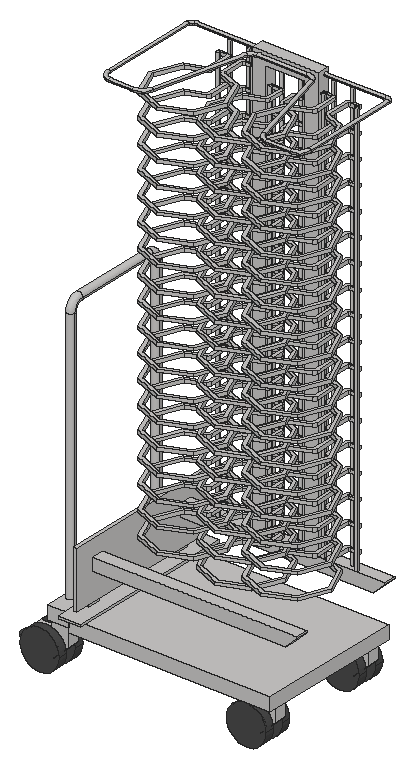
Revit family "QF_ELECTROLUXPROFESSIONAL_922756_TRBA54PL2011C", category Attrezzature speciali, Revit 2020 (continued)
Automatic sketch dimensions
  Extrusion 65 sketch curve to Extrusion 65 sketch curve = 1.293 mm
  Extrusion 65 sketch curve to Extrusion 65 sketch curve = 44.091 mm
  Extrusion 65 sketch curve to Extrusion 65 sketch curve = 41.932 mm
  Extrusion 66 sketch curve to Extrusion 66 sketch curve = 79.976 mm  (x2)
  Extrusion 66 sketch curve to Extrusion 66 sketch curve = 80.651 mm  (x3)
  Extrusion 66 sketch curve to Extrusion 66 sketch curve = 55.228 mm
  Extrusion 66 sketch curve to Extrusion 66 sketch curve = 32.585 mm
  Extrusion 66 sketch curve to Extrusion 66 sketch curve = 80.07 mm
  Extrusion 66 sketch curve to Extrusion 66 sketch curve = 67.75 mm
  Extrusion 67 sketch curve to Extrusion 67 sketch curve = 24.865 mm  (x2)
  Extrusion 67 sketch curve to Extrusion 67 sketch curve = 26.401 mm  (x2)
  Extrusion 67 sketch curve to Extrusion 67 sketch curve = 80.07 mm
  Extrusion 67 sketch curve to Extrusion 67 sketch curve = 22.703 mm
  Extrusion 67 sketch curve to Extrusion 67 sketch curve = 6.983 mm
  Extrusion 67 sketch curve to Extrusion 67 sketch curve = 1.263 mm
  Extrusion 67 sketch curve to Extrusion 67 sketch curve = 1.293 mm
  Extrusion 67 sketch curve to Extrusion 67 sketch curve = 67.75 mm
  Extrusion 68 sketch curve to Extrusion 68 sketch curve = 7.72 mm  (x4)
  Extrusion 68 sketch curve to Extrusion 68 sketch curve = 7.587 mm  (x4)
  Extrusion 68 sketch curve to Extrusion 68 sketch curve = 27.788 mm  (x2)
  Extrusion 68 sketch curve to Extrusion 68 sketch curve = 0 mm  (x3)
  Extrusion 68 sketch curve to Extrusion 68 sketch curve = 1.873 mm
  Extrusion 68 sketch curve to Extrusion 68 sketch curve = 5 mm  (x3)
  Extrusion 68 sketch curve to Extrusion 68 sketch curve = 3.127 mm
  Extrusion 68 sketch curve to Extrusion 68 sketch curve = 3.746 mm
  Extrusion 68 sketch curve to Extrusion 68 sketch curve = 10 mm  (x3)
  Extrusion 68 sketch curve to Extrusion 68 sketch curve = 79.976 mm  (x2)
  Extrusion 68 sketch curve to Extrusion 68 sketch curve = 0.094 mm  (x3)
  Extrusion 68 sketch curve to Extrusion 68 sketch curve = 30 mm
  Extrusion 68 sketch curve to Extrusion 68 sketch curve = 6.093 mm
  Extrusion 68 sketch curve to Extrusion 68 sketch curve = 3.046 mm
  Extrusion 68 sketch curve to Extrusion 68 sketch curve = 80.651 mm  (x3)
  Extrusion 68 sketch curve to Extrusion 68 sketch curve = 55.228 mm
  Extrusion 68 sketch curve to Extrusion 68 sketch curve = 32.585 mm
  Extrusion 68 sketch curve to Extrusion 68 sketch curve = 10.824 mm  (x3)
  Extrusion 68 sketch curve to Extrusion 68 sketch curve = 11.494 mm
  Extrusion 68 sketch curve to Extrusion 68 sketch curve = 1.263 mm
  Extrusion 68 sketch curve to Extrusion 68 sketch curve = 2 mm  (x2)
  Extrusion 69 sketch curve to Extrusion 69 sketch curve = 10.824 mm  (x3)
  Extrusion 69 sketch curve to Extrusion 69 sketch curve = 24.865 mm  (x2)
  Extrusion 69 sketch curve to Extrusion 69 sketch curve = 26.401 mm  (x2)
  Extrusion 69 sketch curve to Extrusion 69 sketch curve = 7.72 mm  (x4)
  Extrusion 69 sketch curve to Extrusion 69 sketch curve = 7.587 mm  (x4)
  Extrusion 69 sketch curve to Extrusion 69 sketch curve = 27.246 mm
  Extrusion 69 sketch curve to Extrusion 69 sketch curve = 27.788 mm  (x2)
  Extrusion 69 sketch curve to Extrusion 69 sketch curve = 47.447 mm
  Extrusion 69 sketch curve to Extrusion 69 sketch curve = 1.873 mm
  Extrusion 69 sketch curve to Extrusion 69 sketch curve = 5 mm  (x3)
  Extrusion 69 sketch curve to Extrusion 69 sketch curve = 3.127 mm
  Extrusion 69 sketch curve to Extrusion 69 sketch curve = 0 mm  (x2)
  Extrusion 69 sketch curve to Extrusion 69 sketch curve = 3.746 mm
  Extrusion 69 sketch curve to Extrusion 69 sketch curve = 10 mm  (x3)
  Extrusion 69 sketch curve to Extrusion 69 sketch curve = 0.094 mm  (x3)
  Extrusion 69 sketch curve to Extrusion 69 sketch curve = 30 mm
  Extrusion 69 sketch curve to Extrusion 69 sketch curve = 6.093 mm
  Extrusion 69 sketch curve to Extrusion 69 sketch curve = 3.046 mm
  Extrusion 69 sketch curve to Extrusion 69 sketch curve = 22.703 mm
  Extrusion 69 sketch curve to Extrusion 69 sketch curve = 6.983 mm
  Extrusion 69 sketch curve to Extrusion 69 sketch curve = 1.263 mm
  Extrusion 69 sketch curve to Extrusion 69 sketch curve = 1.293 mm
  Extrusion 69 sketch curve to Extrusion 69 sketch curve = 2 mm  (x3)
  Extrusion 70 sketch curve to Extrusion 70 sketch curve = 10.824 mm  (x3)
  Extrusion 70 sketch curve to Extrusion 70 sketch curve = 7.72 mm  (x4)
  Extrusion 70 sketch curve to Extrusion 70 sketch curve = 7.587 mm  (x4)
  Extrusion 70 sketch curve to Extrusion 70 sketch curve = 27.246 mm
  Extrusion 70 sketch curve to Extrusion 70 sketch curve = 27.788 mm  (x2)
  Extrusion 70 sketch curve to Extrusion 70 sketch curve = 47.447 mm
  Extrusion 70 sketch curve to Extrusion 70 sketch curve = 1.873 mm
  Extrusion 70 sketch curve to Extrusion 70 sketch curve = 5 mm  (x2)
  Extrusion 70 sketch curve to Extrusion 70 sketch curve = 3.127 mm
  Extrusion 70 sketch curve to Extrusion 70 sketch curve = 0 mm  (x2)
  Extrusion 70 sketch curve to Extrusion 70 sketch curve = 3.746 mm
  Extrusion 70 sketch curve to Extrusion 70 sketch curve = 10 mm  (x2)
  Extrusion 70 sketch curve to Extrusion 70 sketch curve = 79.976 mm  (x2)
  Extrusion 70 sketch curve to Extrusion 70 sketch curve = 0.094 mm  (x3)
  Extrusion 70 sketch curve to Extrusion 70 sketch curve = 30 mm
  Extrusion 70 sketch curve to Extrusion 70 sketch curve = 6.093 mm
  Extrusion 70 sketch curve to Extrusion 70 sketch curve = 3.907 mm
  Extrusion 70 sketch curve to Extrusion 70 sketch curve = 3.046 mm
  Extrusion 70 sketch curve to Extrusion 70 sketch curve = 1.954 mm
  Extrusion 70 sketch curve to Extrusion 70 sketch curve = 80.651 mm  (x3)
  Extrusion 70 sketch curve to Extrusion 70 sketch curve = 55.228 mm
  Extrusion 70 sketch curve to Extrusion 70 sketch curve = 32.585 mm
  Extrusion 70 sketch curve to Extrusion 70 sketch curve = 2 mm  (x3)
  Extrusion 68 sketch curve to Extrusion 68 sketch curve = 24.865 mm  (x2)
  Extrusion 68 sketch curve to Extrusion 68 sketch curve = 26.401 mm  (x2)
  Extrusion 68 sketch curve to Extrusion 68 sketch curve = 27.246 mm
  Extrusion 68 sketch curve to Extrusion 68 sketch curve = 80.07 mm
  Extrusion 68 sketch curve to Extrusion 68 sketch curve = 22.703 mm
  Extrusion 68 sketch curve to Extrusion 68 sketch curve = 1.293 mm
  Extrusion 68 sketch curve to Extrusion 68 sketch curve = 44.091 mm
  Extrusion 68 sketch curve to Extrusion 68 sketch curve = 41.932 mm
  Extrusion 69 sketch curve to Extrusion 69 sketch curve = 79.976 mm  (x2)
  Extrusion 69 sketch curve to Extrusion 69 sketch curve = 80.651 mm  (x3)
  Extrusion 69 sketch curve to Extrusion 69 sketch curve = 55.228 mm
  Extrusion 69 sketch curve to Extrusion 69 sketch curve = 32.585 mm
  Extrusion 69 sketch curve to Extrusion 69 sketch curve = 80.07 mm
  Extrusion 69 sketch curve to Extrusion 69 sketch curve = 67.75 mm
  Extrusion 70 sketch curve to Extrusion 70 sketch curve = 24.865 mm  (x2)
  Extrusion 70 sketch curve to Extrusion 70 sketch curve = 26.401 mm  (x2)
  Extrusion 70 sketch curve to Extrusion 70 sketch curve = 80.07 mm
  Extrusion 70 sketch curve to Extrusion 70 sketch curve = 22.703 mm
  Extrusion 70 sketch curve to Extrusion 70 sketch curve = 6.983 mm
  Extrusion 70 sketch curve to Extrusion 70 sketch curve = 1.263 mm
  Extrusion 70 sketch curve to Extrusion 70 sketch curve = 1.293 mm
  Extrusion 70 sketch curve to Extrusion 70 sketch curve = 67.75 mm
  Extrusion 71 sketch curve to Extrusion 71 sketch curve = 7.72 mm  (x4)
  Extrusion 71 sketch curve to Extrusion 71 sketch curve = 7.587 mm  (x4)
  Extrusion 71 sketch curve to Extrusion 71 sketch curve = 27.788 mm  (x2)
  Extrusion 71 sketch curve to Extrusion 71 sketch curve = 0 mm  (x3)
  Extrusion 71 sketch curve to Extrusion 71 sketch curve = 1.873 mm
  Extrusion 71 sketch curve to Extrusion 71 sketch curve = 5 mm  (x3)
  Extrusion 71 sketch curve to Extrusion 71 sketch curve = 3.127 mm
  Extrusion 71 sketch curve to Extrusion 71 sketch curve = 3.746 mm
  Extrusion 71 sketch curve to Extrusion 71 sketch curve = 10 mm  (x3)
  Extrusion 71 sketch curve to Extrusion 71 sketch curve = 79.976 mm  (x2)
  Extrusion 71 sketch curve to Extrusion 71 sketch curve = 0.094 mm  (x3)
  Extrusion 71 sketch curve to Extrusion 71 sketch curve = 30 mm
  Extrusion 71 sketch curve to Extrusion 71 sketch curve = 6.093 mm
  Extrusion 71 sketch curve to Extrusion 71 sketch curve = 3.046 mm
  Extrusion 71 sketch curve to Extrusion 71 sketch curve = 80.651 mm  (x3)
  Extrusion 71 sketch curve to Extrusion 71 sketch curve = 55.228 mm
  Extrusion 71 sketch curve to Extrusion 71 sketch curve = 32.585 mm
  Extrusion 71 sketch curve to Extrusion 71 sketch curve = 10.824 mm  (x3)
  Extrusion 71 sketch curve to Extrusion 71 sketch curve = 11.494 mm
  Extrusion 71 sketch curve to Extrusion 71 sketch curve = 1.263 mm
  Extrusion 71 sketch curve to Extrusion 71 sketch curve = 2 mm  (x2)
  Extrusion 72 sketch curve to Extrusion 72 sketch curve = 10.824 mm  (x3)
  Extrusion 72 sketch curve to Extrusion 72 sketch curve = 24.865 mm  (x2)
  Extrusion 72 sketch curve to Extrusion 72 sketch curve = 26.401 mm  (x2)
  Extrusion 72 sketch curve to Extrusion 72 sketch curve = 7.72 mm  (x4)
  Extrusion 72 sketch curve to Extrusion 72 sketch curve = 7.587 mm  (x4)
  Extrusion 72 sketch curve to Extrusion 72 sketch curve = 27.246 mm
  Extrusion 72 sketch curve to Extrusion 72 sketch curve = 27.788 mm  (x2)
  Extrusion 72 sketch curve to Extrusion 72 sketch curve = 47.447 mm
  Extrusion 72 sketch curve to Extrusion 72 sketch curve = 1.873 mm
  Extrusion 72 sketch curve to Extrusion 72 sketch curve = 5 mm  (x3)
  Extrusion 72 sketch curve to Extrusion 72 sketch curve = 3.127 mm
  Extrusion 72 sketch curve to Extrusion 72 sketch curve = 0 mm  (x2)
  Extrusion 72 sketch curve to Extrusion 72 sketch curve = 3.746 mm
  Extrusion 72 sketch curve to Extrusion 72 sketch curve = 10 mm  (x3)
  Extrusion 72 sketch curve to Extrusion 72 sketch curve = 0.094 mm  (x3)
  Extrusion 72 sketch curve to Extrusion 72 sketch curve = 30 mm
  Extrusion 72 sketch curve to Extrusion 72 sketch curve = 6.093 mm
  Extrusion 72 sketch curve to Extrusion 72 sketch curve = 3.046 mm
  Extrusion 72 sketch curve to Extrusion 72 sketch curve = 22.703 mm
  Extrusion 72 sketch curve to Extrusion 72 sketch curve = 6.983 mm
  Extrusion 72 sketch curve to Extrusion 72 sketch curve = 1.263 mm
  Extrusion 72 sketch curve to Extrusion 72 sketch curve = 1.293 mm
  Extrusion 72 sketch curve to Extrusion 72 sketch curve = 2 mm  (x3)
  Extrusion 73 sketch curve to Extrusion 73 sketch curve = 10.824 mm  (x3)
  Extrusion 73 sketch curve to Extrusion 73 sketch curve = 7.72 mm  (x4)
  Extrusion 73 sketch curve to Extrusion 73 sketch curve = 7.587 mm  (x4)
  Extrusion 73 sketch curve to Extrusion 73 sketch curve = 27.246 mm
  Extrusion 73 sketch curve to Extrusion 73 sketch curve = 27.788 mm  (x2)
  Extrusion 73 sketch curve to Extrusion 73 sketch curve = 47.447 mm
  Extrusion 73 sketch curve to Extrusion 73 sketch curve = 1.873 mm
  Extrusion 73 sketch curve to Extrusion 73 sketch curve = 5 mm  (x2)
  Extrusion 73 sketch curve to Extrusion 73 sketch curve = 3.127 mm
  Extrusion 73 sketch curve to Extrusion 73 sketch curve = 0 mm  (x2)
  Extrusion 73 sketch curve to Extrusion 73 sketch curve = 3.746 mm
  Extrusion 73 sketch curve to Extrusion 73 sketch curve = 10 mm  (x2)
  Extrusion 73 sketch curve to Extrusion 73 sketch curve = 79.976 mm  (x2)
  Extrusion 73 sketch curve to Extrusion 73 sketch curve = 0.094 mm  (x3)
  Extrusion 73 sketch curve to Extrusion 73 sketch curve = 30 mm
  Extrusion 73 sketch curve to Extrusion 73 sketch curve = 6.093 mm
  Extrusion 73 sketch curve to Extrusion 73 sketch curve = 3.907 mm
  Extrusion 73 sketch curve to Extrusion 73 sketch curve = 3.046 mm
  Extrusion 73 sketch curve to Extrusion 73 sketch curve = 1.954 mm
  Extrusion 73 sketch curve to Extrusion 73 sketch curve = 80.651 mm  (x3)
  Extrusion 73 sketch curve to Extrusion 73 sketch curve = 55.228 mm
  Extrusion 73 sketch curve to Extrusion 73 sketch curve = 32.585 mm
  Extrusion 73 sketch curve to Extrusion 73 sketch curve = 2 mm  (x3)
  Extrusion 71 sketch curve to Extrusion 71 sketch curve = 24.865 mm  (x2)
  Extrusion 71 sketch curve to Extrusion 71 sketch curve = 26.401 mm  (x2)
  Extrusion 71 sketch curve to Extrusion 71 sketch curve = 27.246 mm
  Extrusion 71 sketch curve to Extrusion 71 sketch curve = 80.07 mm
  Extrusion 71 sketch curve to Extrusion 71 sketch curve = 22.703 mm
  Extrusion 71 sketch curve to Extrusion 71 sketch curve = 1.293 mm
  Extrusion 71 sketch curve to Extrusion 71 sketch curve = 44.091 mm
  Extrusion 71 sketch curve to Extrusion 71 sketch curve = 41.932 mm
  Extrusion 72 sketch curve to Extrusion 72 sketch curve = 79.976 mm  (x2)
  Extrusion 72 sketch curve to Extrusion 72 sketch curve = 80.651 mm  (x3)
  Extrusion 72 sketch curve to Extrusion 72 sketch curve = 55.228 mm
  Extrusion 72 sketch curve to Extrusion 72 sketch curve = 32.585 mm
  Extrusion 72 sketch curve to Extrusion 72 sketch curve = 80.07 mm
  Extrusion 72 sketch curve to Extrusion 72 sketch curve = 67.75 mm
  Extrusion 73 sketch curve to Extrusion 73 sketch curve = 24.865 mm  (x2)
  Extrusion 73 sketch curve to Extrusion 73 sketch curve = 26.401 mm  (x2)
  Extrusion 73 sketch curve to Extrusion 73 sketch curve = 80.07 mm
  Extrusion 73 sketch curve to Extrusion 73 sketch curve = 22.703 mm
  Extrusion 73 sketch curve to Extrusion 73 sketch curve = 6.983 mm
  Extrusion 73 sketch curve to Extrusion 73 sketch curve = 1.263 mm
  Extrusion 73 sketch curve to Extrusion 73 sketch curve = 1.293 mm
  Extrusion 73 sketch curve to Extrusion 73 sketch curve = 67.75 mm
  Extrusion 74 sketch curve to Extrusion 74 sketch curve = 7.72 mm  (x4)
  Extrusion 74 sketch curve to Extrusion 74 sketch curve = 7.587 mm  (x4)
  Extrusion 74 sketch curve to Extrusion 74 sketch curve = 27.788 mm  (x2)
  Extrusion 74 sketch curve to Extrusion 74 sketch curve = 0 mm  (x3)
  Extrusion 74 sketch curve to Extrusion 74 sketch curve = 1.873 mm
  Extrusion 74 sketch curve to Extrusion 74 sketch curve = 5 mm  (x3)
  Extrusion 74 sketch curve to Extrusion 74 sketch curve = 3.127 mm
  Extrusion 74 sketch curve to Extrusion 74 sketch curve = 3.746 mm
  Extrusion 74 sketch curve to Extrusion 74 sketch curve = 10 mm  (x3)
  Extrusion 74 sketch curve to Extrusion 74 sketch curve = 79.976 mm  (x2)
  Extrusion 74 sketch curve to Extrusion 74 sketch curve = 0.094 mm  (x3)
  Extrusion 74 sketch curve to Extrusion 74 sketch curve = 30 mm
  Extrusion 74 sketch curve to Extrusion 74 sketch curve = 6.093 mm
  Extrusion 74 sketch curve to Extrusion 74 sketch curve = 3.046 mm
  Extrusion 74 sketch curve to Extrusion 74 sketch curve = 80.651 mm  (x3)
  Extrusion 74 sketch curve to Extrusion 74 sketch curve = 55.228 mm
  Extrusion 74 sketch curve to Extrusion 74 sketch curve = 32.585 mm
  Extrusion 74 sketch curve to Extrusion 74 sketch curve = 10.824 mm  (x3)
  Extrusion 74 sketch curve to Extrusion 74 sketch curve = 11.494 mm
  Extrusion 74 sketch curve to Extrusion 74 sketch curve = 1.263 mm
  Extrusion 74 sketch curve to Extrusion 74 sketch curve = 2 mm  (x2)
  Extrusion 75 sketch curve to Extrusion 75 sketch curve = 10.824 mm  (x3)
  Extrusion 75 sketch curve to Extrusion 75 sketch curve = 24.865 mm  (x2)
  Extrusion 75 sketch curve to Extrusion 75 sketch curve = 26.401 mm  (x2)
  Extrusion 75 sketch curve to Extrusion 75 sketch curve = 7.72 mm  (x4)
  Extrusion 75 sketch curve to Extrusion 75 sketch curve = 7.587 mm  (x4)
  Extrusion 75 sketch curve to Extrusion 75 sketch curve = 27.246 mm
  Extrusion 75 sketch curve to Extrusion 75 sketch curve = 27.788 mm  (x2)
  Extrusion 75 sketch curve to Extrusion 75 sketch curve = 47.447 mm
  Extrusion 75 sketch curve to Extrusion 75 sketch curve = 1.873 mm
  Extrusion 75 sketch curve to Extrusion 75 sketch curve = 5 mm  (x3)
  Extrusion 75 sketch curve to Extrusion 75 sketch curve = 3.127 mm
  Extrusion 75 sketch curve to Extrusion 75 sketch curve = 0 mm  (x2)
  Extrusion 75 sketch curve to Extrusion 75 sketch curve = 3.746 mm
  Extrusion 75 sketch curve to Extrusion 75 sketch curve = 10 mm  (x3)
  Extrusion 75 sketch curve to Extrusion 75 sketch curve = 0.094 mm  (x3)
  Extrusion 75 sketch curve to Extrusion 75 sketch curve = 30 mm
  Extrusion 75 sketch curve to Extrusion 75 sketch curve = 6.093 mm
  Extrusion 75 sketch curve to Extrusion 75 sketch curve = 3.046 mm
  Extrusion 75 sketch curve to Extrusion 75 sketch curve = 22.703 mm
  Extrusion 75 sketch curve to Extrusion 75 sketch curve = 6.983 mm
  Extrusion 75 sketch curve to Extrusion 75 sketch curve = 1.263 mm
  Extrusion 75 sketch curve to Extrusion 75 sketch curve = 1.293 mm
  Extrusion 75 sketch curve to Extrusion 75 sketch curve = 2 mm  (x3)
  Extrusion 76 sketch curve to Extrusion 76 sketch curve = 10.824 mm  (x3)
  Extrusion 76 sketch curve to Extrusion 76 sketch curve = 7.72 mm  (x4)
  Extrusion 76 sketch curve to Extrusion 76 sketch curve = 7.587 mm  (x4)
  Extrusion 76 sketch curve to Extrusion 76 sketch curve = 27.246 mm
  Extrusion 76 sketch curve to Extrusion 76 sketch curve = 27.788 mm  (x2)
  Extrusion 76 sketch curve to Extrusion 76 sketch curve = 47.447 mm
  Extrusion 76 sketch curve to Extrusion 76 sketch curve = 1.873 mm
  Extrusion 76 sketch curve to Extrusion 76 sketch curve = 5 mm  (x2)
  Extrusion 76 sketch curve to Extrusion 76 sketch curve = 3.127 mm
  Extrusion 76 sketch curve to Extrusion 76 sketch curve = 0 mm  (x2)
  Extrusion 76 sketch curve to Extrusion 76 sketch curve = 3.746 mm
  Extrusion 76 sketch curve to Extrusion 76 sketch curve = 10 mm  (x2)
  Extrusion 76 sketch curve to Extrusion 76 sketch curve = 79.976 mm  (x2)
  Extrusion 76 sketch curve to Extrusion 76 sketch curve = 0.094 mm  (x3)
  Extrusion 76 sketch curve to Extrusion 76 sketch curve = 30 mm
  Extrusion 76 sketch curve to Extrusion 76 sketch curve = 6.093 mm
  Extrusion 76 sketch curve to Extrusion 76 sketch curve = 3.907 mm
  Extrusion 76 sketch curve to Extrusion 76 sketch curve = 3.046 mm
  Extrusion 76 sketch curve to Extrusion 76 sketch curve = 1.954 mm
  Extrusion 76 sketch curve to Extrusion 76 sketch curve = 80.651 mm  (x3)
  Extrusion 76 sketch curve to Extrusion 76 sketch curve = 55.228 mm
  Extrusion 76 sketch curve to Extrusion 76 sketch curve = 32.585 mm
  Extrusion 76 sketch curve to Extrusion 76 sketch curve = 2 mm  (x3)
  Extrusion 74 sketch curve to Extrusion 74 sketch curve = 24.865 mm  (x2)
  Extrusion 74 sketch curve to Extrusion 74 sketch curve = 26.401 mm  (x2)
  Extrusion 74 sketch curve to Extrusion 74 sketch curve = 27.246 mm
  Extrusion 74 sketch curve to Extrusion 74 sketch curve = 80.07 mm
  Extrusion 74 sketch curve to Extrusion 74 sketch curve = 22.703 mm
  Extrusion 74 sketch curve to Extrusion 74 sketch curve = 1.293 mm
  Extrusion 74 sketch curve to Extrusion 74 sketch curve = 44.091 mm
  Extrusion 74 sketch curve to Extrusion 74 sketch curve = 41.932 mm
  Extrusion 75 sketch curve to Extrusion 75 sketch curve = 79.976 mm  (x2)
  Extrusion 75 sketch curve to Extrusion 75 sketch curve = 80.651 mm  (x3)
  Extrusion 75 sketch curve to Extrusion 75 sketch curve = 55.228 mm
  Extrusion 75 sketch curve to Extrusion 75 sketch curve = 32.585 mm
  Extrusion 75 sketch curve to Extrusion 75 sketch curve = 80.07 mm
  Extrusion 75 sketch curve to Extrusion 75 sketch curve = 67.75 mm
  Extrusion 76 sketch curve to Extrusion 76 sketch curve = 24.865 mm  (x2)
  Extrusion 76 sketch curve to Extrusion 76 sketch curve = 26.401 mm  (x2)
  Extrusion 76 sketch curve to Extrusion 76 sketch curve = 80.07 mm
  Extrusion 76 sketch curve to Extrusion 76 sketch curve = 22.703 mm
  Extrusion 76 sketch curve to Extrusion 76 sketch curve = 6.983 mm
  Extrusion 76 sketch curve to Extrusion 76 sketch curve = 1.263 mm
  Extrusion 76 sketch curve to Extrusion 76 sketch curve = 1.293 mm
  Extrusion 76 sketch curve to Extrusion 76 sketch curve = 67.75 mm
  Extrusion 77 sketch curve to Extrusion 77 sketch curve = 7.72 mm  (x4)
  Extrusion 77 sketch curve to Extrusion 77 sketch curve = 7.587 mm  (x4)
  Extrusion 77 sketch curve to Extrusion 77 sketch curve = 27.788 mm  (x2)
  Extrusion 77 sketch curve to Extrusion 77 sketch curve = 0 mm  (x3)
  Extrusion 77 sketch curve to Extrusion 77 sketch curve = 1.873 mm
  Extrusion 77 sketch curve to Extrusion 77 sketch curve = 5 mm  (x3)
  Extrusion 77 sketch curve to Extrusion 77 sketch curve = 3.127 mm
  Extrusion 77 sketch curve to Extrusion 77 sketch curve = 3.746 mm
  Extrusion 77 sketch curve to Extrusion 77 sketch curve = 10 mm  (x3)
  Extrusion 77 sketch curve to Extrusion 77 sketch curve = 79.976 mm  (x2)
  Extrusion 77 sketch curve to Extrusion 77 sketch curve = 0.094 mm  (x3)
  Extrusion 77 sketch curve to Extrusion 77 sketch curve = 30 mm
  Extrusion 77 sketch curve to Extrusion 77 sketch curve = 6.093 mm
  Extrusion 77 sketch curve to Extrusion 77 sketch curve = 3.046 mm
  Extrusion 77 sketch curve to Extrusion 77 sketch curve = 80.651 mm  (x3)
  Extrusion 77 sketch curve to Extrusion 77 sketch curve = 55.228 mm
  Extrusion 77 sketch curve to Extrusion 77 sketch curve = 32.585 mm
  Extrusion 77 sketch curve to Extrusion 77 sketch curve = 10.824 mm  (x3)
  Extrusion 77 sketch curve to Extrusion 77 sketch curve = 11.494 mm
  Extrusion 77 sketch curve to Extrusion 77 sketch curve = 1.263 mm
  Extrusion 77 sketch curve to Extrusion 77 sketch curve = 2 mm  (x2)
  Extrusion 78 sketch curve to Extrusion 78 sketch curve = 10.824 mm  (x3)
  Extrusion 78 sketch curve to Extrusion 78 sketch curve = 24.865 mm  (x2)
  Extrusion 78 sketch curve to Extrusion 78 sketch curve = 26.401 mm  (x2)
  Extrusion 78 sketch curve to Extrusion 78 sketch curve = 7.72 mm  (x4)
  Extrusion 78 sketch curve to Extrusion 78 sketch curve = 7.587 mm  (x4)
  Extrusion 78 sketch curve to Extrusion 78 sketch curve = 27.246 mm
  Extrusion 78 sketch curve to Extrusion 78 sketch curve = 27.788 mm  (x2)
  Extrusion 78 sketch curve to Extrusion 78 sketch curve = 47.447 mm
  Extrusion 78 sketch curve to Extrusion 78 sketch curve = 1.873 mm
  Extrusion 78 sketch curve to Extrusion 78 sketch curve = 5 mm  (x3)
  Extrusion 78 sketch curve to Extrusion 78 sketch curve = 3.127 mm
  Extrusion 78 sketch curve to Extrusion 78 sketch curve = 0 mm  (x2)
  Extrusion 78 sketch curve to Extrusion 78 sketch curve = 3.746 mm
  Extrusion 78 sketch curve to Extrusion 78 sketch curve = 10 mm  (x3)
  Extrusion 78 sketch curve to Extrusion 78 sketch curve = 0.094 mm  (x3)
  Extrusion 78 sketch curve to Extrusion 78 sketch curve = 30 mm
  Extrusion 78 sketch curve to Extrusion 78 sketch curve = 6.093 mm
  Extrusion 78 sketch curve to Extrusion 78 sketch curve = 3.046 mm
  Extrusion 78 sketch curve to Extrusion 78 sketch curve = 22.703 mm
  Extrusion 78 sketch curve to Extrusion 78 sketch curve = 6.983 mm
  Extrusion 78 sketch curve to Extrusion 78 sketch curve = 1.263 mm
  Extrusion 78 sketch curve to Extrusion 78 sketch curve = 1.293 mm
  Extrusion 78 sketch curve to Extrusion 78 sketch curve = 2 mm  (x3)
  Extrusion 79 sketch curve to Extrusion 79 sketch curve = 10.824 mm  (x3)
  Extrusion 79 sketch curve to Extrusion 79 sketch curve = 7.72 mm  (x4)
  Extrusion 79 sketch curve to Extrusion 79 sketch curve = 7.587 mm  (x4)
  Extrusion 79 sketch curve to Extrusion 79 sketch curve = 27.246 mm
  Extrusion 79 sketch curve to Extrusion 79 sketch curve = 27.788 mm  (x2)
  Extrusion 79 sketch curve to Extrusion 79 sketch curve = 47.447 mm
  Extrusion 79 sketch curve to Extrusion 79 sketch curve = 1.873 mm
  Extrusion 79 sketch curve to Extrusion 79 sketch curve = 5 mm  (x2)
  Extrusion 79 sketch curve to Extrusion 79 sketch curve = 3.127 mm
  Extrusion 79 sketch curve to Extrusion 79 sketch curve = 0 mm  (x2)
  Extrusion 79 sketch curve to Extrusion 79 sketch curve = 3.746 mm
  Extrusion 79 sketch curve to Extrusion 79 sketch curve = 10 mm  (x2)
  Extrusion 79 sketch curve to Extrusion 79 sketch curve = 79.976 mm  (x2)
  Extrusion 79 sketch curve to Extrusion 79 sketch curve = 0.094 mm  (x3)
  Extrusion 79 sketch curve to Extrusion 79 sketch curve = 30 mm
  Extrusion 79 sketch curve to Extrusion 79 sketch curve = 6.093 mm
  Extrusion 79 sketch curve to Extrusion 79 sketch curve = 3.907 mm
  Extrusion 79 sketch curve to Extrusion 79 sketch curve = 3.046 mm
  Extrusion 79 sketch curve to Extrusion 79 sketch curve = 1.954 mm
  Extrusion 79 sketch curve to Extrusion 79 sketch curve = 80.651 mm  (x3)
  Extrusion 79 sketch curve to Extrusion 79 sketch curve = 55.228 mm
  Extrusion 79 sketch curve to Extrusion 79 sketch curve = 32.585 mm
  Extrusion 79 sketch curve to Extrusion 79 sketch curve = 2 mm  (x3)
  Extrusion 77 sketch curve to Extrusion 77 sketch curve = 24.865 mm  (x2)
  Extrusion 77 sketch curve to Extrusion 77 sketch curve = 26.401 mm  (x2)
  Extrusion 77 sketch curve to Extrusion 77 sketch curve = 27.246 mm
  Extrusion 77 sketch curve to Extrusion 77 sketch curve = 80.07 mm
  Extrusion 77 sketch curve to Extrusion 77 sketch curve = 22.703 mm
  Extrusion 77 sketch curve to Extrusion 77 sketch curve = 1.293 mm
  Extrusion 77 sketch curve to Extrusion 77 sketch curve = 44.091 mm
  Extrusion 77 sketch curve to Extrusion 77 sketch curve = 41.932 mm
  Extrusion 78 sketch curve to Extrusion 78 sketch curve = 79.976 mm  (x2)
  Extrusion 78 sketch curve to Extrusion 78 sketch curve = 80.651 mm  (x3)
  Extrusion 78 sketch curve to Extrusion 78 sketch curve = 55.228 mm
  Extrusion 78 sketch curve to Extrusion 78 sketch curve = 32.585 mm
  Extrusion 78 sketch curve to Extrusion 78 sketch curve = 80.07 mm
  Extrusion 78 sketch curve to Extrusion 78 sketch curve = 67.75 mm
  Extrusion 79 sketch curve to Extrusion 79 sketch curve = 24.865 mm  (x2)
  Extrusion 79 sketch curve to Extrusion 79 sketch curve = 26.401 mm  (x2)
  Extrusion 79 sketch curve to Extrusion 79 sketch curve = 80.07 mm
  Extrusion 79 sketch curve to Extrusion 79 sketch curve = 22.703 mm
  Extrusion 79 sketch curve to Extrusion 79 sketch curve = 6.983 mm
  Extrusion 79 sketch curve to Extrusion 79 sketch curve = 1.263 mm
  Extrusion 79 sketch curve to Extrusion 79 sketch curve = 1.293 mm
  Extrusion 79 sketch curve to Extrusion 79 sketch curve = 67.75 mm
  Extrusion 80 sketch curve to Extrusion 80 sketch curve = 7.72 mm  (x4)
  Extrusion 80 sketch curve to Extrusion 80 sketch curve = 7.587 mm  (x4)
  Extrusion 80 sketch curve to Extrusion 80 sketch curve = 27.788 mm  (x2)
  Extrusion 80 sketch curve to Extrusion 80 sketch curve = 0 mm  (x3)
  Extrusion 80 sketch curve to Extrusion 80 sketch curve = 1.873 mm
  Extrusion 80 sketch curve to Extrusion 80 sketch curve = 5 mm  (x3)
  Extrusion 80 sketch curve to Extrusion 80 sketch curve = 3.127 mm
  Extrusion 80 sketch curve to Extrusion 80 sketch curve = 3.746 mm
  Extrusion 80 sketch curve to Extrusion 80 sketch curve = 10 mm  (x3)
  Extrusion 80 sketch curve to Extrusion 80 sketch curve = 79.976 mm  (x2)
  Extrusion 80 sketch curve to Extrusion 80 sketch curve = 0.094 mm  (x3)
  Extrusion 80 sketch curve to Extrusion 80 sketch curve = 30 mm
  Extrusion 80 sketch curve to Extrusion 80 sketch curve = 6.093 mm
  Extrusion 80 sketch curve to Extrusion 80 sketch curve = 3.046 mm
  Extrusion 80 sketch curve to Extrusion 80 sketch curve = 80.651 mm  (x3)
  Extrusion 80 sketch curve to Extrusion 80 sketch curve = 55.228 mm
  Extrusion 80 sketch curve to Extrusion 80 sketch curve = 32.585 mm
  Extrusion 80 sketch curve to Extrusion 80 sketch curve = 10.824 mm  (x3)
  Extrusion 80 sketch curve to Extrusion 80 sketch curve = 11.494 mm
  Extrusion 80 sketch curve to Extrusion 80 sketch curve = 1.263 mm
  Extrusion 80 sketch curve to Extrusion 80 sketch curve = 2 mm  (x2)
  Extrusion 81 sketch curve to Extrusion 81 sketch curve = 10.824 mm  (x3)
  Extrusion 81 sketch curve to Extrusion 81 sketch curve = 24.865 mm  (x2)
  Extrusion 81 sketch curve to Extrusion 81 sketch curve = 26.401 mm  (x2)
  Extrusion 81 sketch curve to Extrusion 81 sketch curve = 7.72 mm  (x4)
  Extrusion 81 sketch curve to Extrusion 81 sketch curve = 7.587 mm  (x4)
  Extrusion 81 sketch curve to Extrusion 81 sketch curve = 27.246 mm
  Extrusion 81 sketch curve to Extrusion 81 sketch curve = 27.788 mm  (x2)
  Extrusion 81 sketch curve to Extrusion 81 sketch curve = 47.447 mm
  Extrusion 81 sketch curve to Extrusion 81 sketch curve = 1.873 mm
  Extrusion 81 sketch curve to Extrusion 81 sketch curve = 5 mm  (x3)
  Extrusion 81 sketch curve to Extrusion 81 sketch curve = 3.127 mm
  Extrusion 81 sketch curve to Extrusion 81 sketch curve = 0 mm  (x2)
  Extrusion 81 sketch curve to Extrusion 81 sketch curve = 3.746 mm
  Extrusion 81 sketch curve to Extrusion 81 sketch curve = 10 mm  (x3)
  Extrusion 81 sketch curve to Extrusion 81 sketch curve = 0.094 mm  (x3)
  Extrusion 81 sketch curve to Extrusion 81 sketch curve = 30 mm
  Extrusion 81 sketch curve to Extrusion 81 sketch curve = 6.093 mm
  Extrusion 81 sketch curve to Extrusion 81 sketch curve = 3.046 mm
  Extrusion 81 sketch curve to Extrusion 81 sketch curve = 22.703 mm
  Extrusion 81 sketch curve to Extrusion 81 sketch curve = 6.983 mm
  Extrusion 81 sketch curve to Extrusion 81 sketch curve = 1.263 mm
  Extrusion 81 sketch curve to Extrusion 81 sketch curve = 1.293 mm
  Extrusion 81 sketch curve to Extrusion 81 sketch curve = 2 mm  (x3)
  Extrusion 82 sketch curve to Extrusion 82 sketch curve = 10.824 mm  (x3)
  Extrusion 82 sketch curve to Extrusion 82 sketch curve = 7.72 mm  (x4)
  Extrusion 82 sketch curve to Extrusion 82 sketch curve = 7.587 mm  (x4)
  Extrusion 82 sketch curve to Extrusion 82 sketch curve = 27.246 mm
  Extrusion 82 sketch curve to Extrusion 82 sketch curve = 27.788 mm  (x2)
  Extrusion 82 sketch curve to Extrusion 82 sketch curve = 47.447 mm
  Extrusion 82 sketch curve to Extrusion 82 sketch curve = 1.873 mm
  Extrusion 82 sketch curve to Extrusion 82 sketch curve = 5 mm  (x2)
  Extrusion 82 sketch curve to Extrusion 82 sketch curve = 3.127 mm
  Extrusion 82 sketch curve to Extrusion 82 sketch curve = 0 mm  (x2)
  Extrusion 82 sketch curve to Extrusion 82 sketch curve = 3.746 mm
  Extrusion 82 sketch curve to Extrusion 82 sketch curve = 10 mm  (x2)
  Extrusion 82 sketch curve to Extrusion 82 sketch curve = 79.976 mm  (x2)
  Extrusion 82 sketch curve to Extrusion 82 sketch curve = 0.094 mm  (x3)
  Extrusion 82 sketch curve to Extrusion 82 sketch curve = 30 mm
  Extrusion 82 sketch curve to Extrusion 82 sketch curve = 6.093 mm
  Extrusion 82 sketch curve to Extrusion 82 sketch curve = 3.907 mm
  Extrusion 82 sketch curve to Extrusion 82 sketch curve = 3.046 mm
  Extrusion 82 sketch curve to Extrusion 82 sketch curve = 1.954 mm
  Extrusion 82 sketch curve to Extrusion 82 sketch curve = 80.651 mm  (x3)
  Extrusion 82 sketch curve to Extrusion 82 sketch curve = 55.228 mm
  Extrusion 82 sketch curve to Extrusion 82 sketch curve = 32.585 mm
  Extrusion 82 sketch curve to Extrusion 82 sketch curve = 2 mm  (x3)
  Extrusion 80 sketch curve to Extrusion 80 sketch curve = 24.865 mm  (x2)
  Extrusion 80 sketch curve to Extrusion 80 sketch curve = 26.401 mm  (x2)
  Extrusion 80 sketch curve to Extrusion 80 sketch curve = 27.246 mm
  Extrusion 80 sketch curve to Extrusion 80 sketch curve = 80.07 mm
  Extrusion 80 sketch curve to Extrusion 80 sketch curve = 22.703 mm
  Extrusion 80 sketch curve to Extrusion 80 sketch curve = 1.293 mm
  Extrusion 80 sketch curve to Extrusion 80 sketch curve = 44.091 mm
  Extrusion 80 sketch curve to Extrusion 80 sketch curve = 41.932 mm
  Extrusion 81 sketch curve to Extrusion 81 sketch curve = 79.976 mm  (x2)
  Extrusion 81 sketch curve to Extrusion 81 sketch curve = 80.651 mm  (x3)
  Extrusion 81 sketch curve to Extrusion 81 sketch curve = 55.228 mm
  Extrusion 81 sketch curve to Extrusion 81 sketch curve = 32.585 mm
  Extrusion 81 sketch curve to Extrusion 81 sketch curve = 80.07 mm
  Extrusion 81 sketch curve to Extrusion 81 sketch curve = 67.75 mm
  Extrusion 82 sketch curve to Extrusion 82 sketch curve = 24.865 mm  (x2)
  Extrusion 82 sketch curve to Extrusion 82 sketch curve = 26.401 mm  (x2)
  Extrusion 82 sketch curve to Extrusion 82 sketch curve = 80.07 mm
  Extrusion 82 sketch curve to Extrusion 82 sketch curve = 22.703 mm
  Extrusion 82 sketch curve to Extrusion 82 sketch curve = 6.983 mm
  Extrusion 82 sketch curve to Extrusion 82 sketch curve = 1.263 mm
  Extrusion 82 sketch curve to Extrusion 82 sketch curve = 1.293 mm
  Extrusion 82 sketch curve to Extrusion 82 sketch curve = 67.75 mm
  Extrusion 83 sketch curve to Extrusion 83 sketch curve = 7.72 mm  (x4)
  Extrusion 83 sketch curve to Extrusion 83 sketch curve = 7.587 mm  (x4)
  Extrusion 83 sketch curve to Extrusion 83 sketch curve = 27.788 mm  (x2)
  Extrusion 83 sketch curve to Extrusion 83 sketch curve = 0 mm  (x3)
  Extrusion 83 sketch curve to Extrusion 83 sketch curve = 1.873 mm
  Extrusion 83 sketch curve to Extrusion 83 sketch curve = 5 mm  (x3)
  Extrusion 83 sketch curve to Extrusion 83 sketch curve = 3.127 mm
  Extrusion 83 sketch curve to Extrusion 83 sketch curve = 3.746 mm
  Extrusion 83 sketch curve to Extrusion 83 sketch curve = 10 mm  (x3)
  Extrusion 83 sketch curve to Extrusion 83 sketch curve = 79.976 mm  (x2)
  Extrusion 83 sketch curve to Extrusion 83 sketch curve = 0.094 mm  (x3)
  Extrusion 83 sketch curve to Extrusion 83 sketch curve = 30 mm
  Extrusion 83 sketch curve to Extrusion 83 sketch curve = 6.093 mm
  Extrusion 83 sketch curve to Extrusion 83 sketch curve = 3.046 mm
  Extrusion 83 sketch curve to Extrusion 83 sketch curve = 80.651 mm  (x3)
  Extrusion 83 sketch curve to Extrusion 83 sketch curve = 55.228 mm
  Extrusion 83 sketch curve to Extrusion 83 sketch curve = 32.585 mm
  Extrusion 83 sketch curve to Extrusion 83 sketch curve = 10.824 mm  (x3)
  Extrusion 83 sketch curve to Extrusion 83 sketch curve = 11.494 mm
  Extrusion 83 sketch curve to Extrusion 83 sketch curve = 1.263 mm
  Extrusion 83 sketch curve to Extrusion 83 sketch curve = 2 mm  (x2)
  Extrusion 84 sketch curve to Extrusion 84 sketch curve = 10.824 mm  (x3)
  Extrusion 84 sketch curve to Extrusion 84 sketch curve = 24.865 mm  (x2)
  Extrusion 84 sketch curve to Extrusion 84 sketch curve = 26.401 mm  (x2)
  Extrusion 84 sketch curve to Extrusion 84 sketch curve = 7.72 mm  (x4)
  Extrusion 84 sketch curve to Extrusion 84 sketch curve = 7.587 mm  (x4)
  Extrusion 84 sketch curve to Extrusion 84 sketch curve = 27.246 mm
  Extrusion 84 sketch curve to Extrusion 84 sketch curve = 27.788 mm  (x2)
  Extrusion 84 sketch curve to Extrusion 84 sketch curve = 47.447 mm
  Extrusion 84 sketch curve to Extrusion 84 sketch curve = 1.873 mm
  Extrusion 84 sketch curve to Extrusion 84 sketch curve = 5 mm  (x3)
  Extrusion 84 sketch curve to Extrusion 84 sketch curve = 3.127 mm
  Extrusion 84 sketch curve to Extrusion 84 sketch curve = 0 mm  (x2)
  Extrusion 84 sketch curve to Extrusion 84 sketch curve = 3.746 mm
  Extrusion 84 sketch curve to Extrusion 84 sketch curve = 10 mm  (x3)
  Extrusion 84 sketch curve to Extrusion 84 sketch curve = 0.094 mm  (x3)
  Extrusion 84 sketch curve to Extrusion 84 sketch curve = 30 mm
  Extrusion 84 sketch curve to Extrusion 84 sketch curve = 6.093 mm
  Extrusion 84 sketch curve to Extrusion 84 sketch curve = 3.046 mm
  Extrusion 84 sketch curve to Extrusion 84 sketch curve = 22.703 mm
  Extrusion 84 sketch curve to Extrusion 84 sketch curve = 6.983 mm
  Extrusion 84 sketch curve to Extrusion 84 sketch curve = 1.263 mm
  Extrusion 84 sketch curve to Extrusion 84 sketch curve = 1.293 mm
  Extrusion 84 sketch curve to Extrusion 84 sketch curve = 2 mm  (x3)
  Extrusion 85 sketch curve to Extrusion 85 sketch curve = 10.824 mm  (x3)
  Extrusion 85 sketch curve to Extrusion 85 sketch curve = 7.72 mm  (x4)
  Extrusion 85 sketch curve to Extrusion 85 sketch curve = 7.587 mm  (x4)
  Extrusion 85 sketch curve to Extrusion 85 sketch curve = 27.246 mm
  Extrusion 85 sketch curve to Extrusion 85 sketch curve = 27.788 mm  (x2)
  Extrusion 85 sketch curve to Extrusion 85 sketch curve = 47.447 mm
  Extrusion 85 sketch curve to Extrusion 85 sketch curve = 1.873 mm
  Extrusion 85 sketch curve to Extrusion 85 sketch curve = 5 mm  (x2)
  Extrusion 85 sketch curve to Extrusion 85 sketch curve = 3.127 mm
  Extrusion 85 sketch curve to Extrusion 85 sketch curve = 0 mm  (x2)
  Extrusion 85 sketch curve to Extrusion 85 sketch curve = 3.746 mm
  Extrusion 85 sketch curve to Extrusion 85 sketch curve = 10 mm  (x2)
  Extrusion 85 sketch curve to Extrusion 85 sketch curve = 79.976 mm  (x2)
  Extrusion 85 sketch curve to Extrusion 85 sketch curve = 0.094 mm  (x3)
  Extrusion 85 sketch curve to Extrusion 85 sketch curve = 30 mm
  Extrusion 85 sketch curve to Extrusion 85 sketch curve = 6.093 mm
  Extrusion 85 sketch curve to Extrusion 85 sketch curve = 3.907 mm
  Extrusion 85 sketch curve to Extrusion 85 sketch curve = 3.046 mm
  Extrusion 85 sketch curve to Extrusion 85 sketch curve = 1.954 mm
  Extrusion 85 sketch curve to Extrusion 85 sketch curve = 80.651 mm  (x3)
  Extrusion 85 sketch curve to Extrusion 85 sketch curve = 55.228 mm
  Extrusion 85 sketch curve to Extrusion 85 sketch curve = 32.585 mm
  Extrusion 85 sketch curve to Extrusion 85 sketch curve = 2 mm  (x3)
  Extrusion 83 sketch curve to Extrusion 83 sketch curve = 24.865 mm  (x2)
  Extrusion 83 sketch curve to Extrusion 83 sketch curve = 26.401 mm  (x2)
  Extrusion 83 sketch curve to Extrusion 83 sketch curve = 27.246 mm
  Extrusion 83 sketch curve to Extrusion 83 sketch curve = 80.07 mm
  Extrusion 83 sketch curve to Extrusion 83 sketch curve = 22.703 mm
  Extrusion 83 sketch curve to Extrusion 83 sketch curve = 1.293 mm
  Extrusion 83 sketch curve to Extrusion 83 sketch curve = 44.091 mm
  Extrusion 83 sketch curve to Extrusion 83 sketch curve = 41.932 mm
  Extrusion 84 sketch curve to Extrusion 84 sketch curve = 79.976 mm  (x2)
  Extrusion 84 sketch curve to Extrusion 84 sketch curve = 80.651 mm  (x3)
  Extrusion 84 sketch curve to Extrusion 84 sketch curve = 55.228 mm
  Extrusion 84 sketch curve to Extrusion 84 sketch curve = 32.585 mm
  Extrusion 84 sketch curve to Extrusion 84 sketch curve = 80.07 mm
  Extrusion 84 sketch curve to Extrusion 84 sketch curve = 67.75 mm
  Extrusion 85 sketch curve to Extrusion 85 sketch curve = 24.865 mm  (x2)
  Extrusion 85 sketch curve to Extrusion 85 sketch curve = 26.401 mm  (x2)
  Extrusion 85 sketch curve to Extrusion 85 sketch curve = 80.07 mm
  Extrusion 85 sketch curve to Extrusion 85 sketch curve = 22.703 mm
  Extrusion 85 sketch curve to Extrusion 85 sketch curve = 6.983 mm
  Extrusion 85 sketch curve to Extrusion 85 sketch curve = 1.263 mm
  Extrusion 85 sketch curve to Extrusion 85 sketch curve = 1.293 mm
  Extrusion 85 sketch curve to Extrusion 85 sketch curve = 67.75 mm
  Extrusion 86 sketch curve to Extrusion 86 sketch curve = 7.72 mm  (x4)
  Extrusion 86 sketch curve to Extrusion 86 sketch curve = 7.587 mm  (x4)
  Extrusion 86 sketch curve to Extrusion 86 sketch curve = 27.788 mm  (x2)
  Extrusion 86 sketch curve to Extrusion 86 sketch curve = 0 mm  (x3)
  Extrusion 86 sketch curve to Extrusion 86 sketch curve = 1.873 mm
  Extrusion 86 sketch curve to Extrusion 86 sketch curve = 5 mm  (x3)
  Extrusion 86 sketch curve to Extrusion 86 sketch curve = 3.127 mm
  Extrusion 86 sketch curve to Extrusion 86 sketch curve = 3.746 mm
  Extrusion 86 sketch curve to Extrusion 86 sketch curve = 10 mm  (x3)
  Extrusion 86 sketch curve to Extrusion 86 sketch curve = 79.976 mm  (x2)
  Extrusion 86 sketch curve to Extrusion 86 sketch curve = 0.094 mm  (x3)
  Extrusion 86 sketch curve to Extrusion 86 sketch curve = 30 mm
  Extrusion 86 sketch curve to Extrusion 86 sketch curve = 6.093 mm
  Extrusion 86 sketch curve to Extrusion 86 sketch curve = 3.046 mm
  Extrusion 86 sketch curve to Extrusion 86 sketch curve = 80.651 mm  (x3)
  Extrusion 86 sketch curve to Extrusion 86 sketch curve = 55.228 mm
  Extrusion 86 sketch curve to Extrusion 86 sketch curve = 32.585 mm
  Extrusion 86 sketch curve to Extrusion 86 sketch curve = 10.824 mm  (x3)
  Extrusion 86 sketch curve to Extrusion 86 sketch curve = 11.494 mm
  Extrusion 86 sketch curve to Extrusion 86 sketch curve = 1.263 mm
  Extrusion 86 sketch curve to Extrusion 86 sketch curve = 2 mm  (x2)
  Extrusion 87 sketch curve to Extrusion 87 sketch curve = 10.824 mm  (x3)
  Extrusion 87 sketch curve to Extrusion 87 sketch curve = 24.865 mm  (x2)
  Extrusion 87 sketch curve to Extrusion 87 sketch curve = 26.401 mm  (x2)
  Extrusion 87 sketch curve to Extrusion 87 sketch curve = 7.72 mm  (x4)
  Extrusion 87 sketch curve to Extrusion 87 sketch curve = 7.587 mm  (x4)
  Extrusion 87 sketch curve to Extrusion 87 sketch curve = 27.246 mm
  Extrusion 87 sketch curve to Extrusion 87 sketch curve = 27.788 mm  (x2)
  Extrusion 87 sketch curve to Extrusion 87 sketch curve = 47.447 mm
  Extrusion 87 sketch curve to Extrusion 87 sketch curve = 1.873 mm
  Extrusion 87 sketch curve to Extrusion 87 sketch curve = 5 mm  (x3)
  Extrusion 87 sketch curve to Extrusion 87 sketch curve = 3.127 mm
  Extrusion 87 sketch curve to Extrusion 87 sketch curve = 0 mm  (x2)
  Extrusion 87 sketch curve to Extrusion 87 sketch curve = 3.746 mm
  Extrusion 87 sketch curve to Extrusion 87 sketch curve = 10 mm  (x3)
  Extrusion 87 sketch curve to Extrusion 87 sketch curve = 0.094 mm  (x3)
  Extrusion 87 sketch curve to Extrusion 87 sketch curve = 30 mm
  Extrusion 87 sketch curve to Extrusion 87 sketch curve = 6.093 mm
  Extrusion 87 sketch curve to Extrusion 87 sketch curve = 3.046 mm
  Extrusion 87 sketch curve to Extrusion 87 sketch curve = 22.703 mm
  Extrusion 87 sketch curve to Extrusion 87 sketch curve = 6.983 mm
  Extrusion 87 sketch curve to Extrusion 87 sketch curve = 1.263 mm
  Extrusion 87 sketch curve to Extrusion 87 sketch curve = 1.293 mm
  Extrusion 87 sketch curve to Extrusion 87 sketch curve = 2 mm  (x3)
  Extrusion 88 sketch curve to Extrusion 88 sketch curve = 10.824 mm  (x3)
  Extrusion 88 sketch curve to Extrusion 88 sketch curve = 7.72 mm  (x4)
  Extrusion 88 sketch curve to Extrusion 88 sketch curve = 7.587 mm  (x4)
  Extrusion 88 sketch curve to Extrusion 88 sketch curve = 27.246 mm
  Extrusion 88 sketch curve to Extrusion 88 sketch curve = 27.788 mm  (x2)
  Extrusion 88 sketch curve to Extrusion 88 sketch curve = 47.447 mm
  Extrusion 88 sketch curve to Extrusion 88 sketch curve = 1.873 mm
  Extrusion 88 sketch curve to Extrusion 88 sketch curve = 5 mm  (x2)
  Extrusion 88 sketch curve to Extrusion 88 sketch curve = 3.127 mm
  Extrusion 88 sketch curve to Extrusion 88 sketch curve = 0 mm  (x2)
  Extrusion 88 sketch curve to Extrusion 88 sketch curve = 3.746 mm
  Extrusion 88 sketch curve to Extrusion 88 sketch curve = 10 mm  (x2)
  Extrusion 88 sketch curve to Extrusion 88 sketch curve = 79.976 mm  (x2)
  Extrusion 88 sketch curve to Extrusion 88 sketch curve = 0.094 mm  (x3)
  Extrusion 88 sketch curve to Extrusion 88 sketch curve = 30 mm
  Extrusion 88 sketch curve to Extrusion 88 sketch curve = 6.093 mm
  Extrusion 88 sketch curve to Extrusion 88 sketch curve = 3.907 mm
  Extrusion 88 sketch curve to Extrusion 88 sketch curve = 3.046 mm
  Extrusion 88 sketch curve to Extrusion 88 sketch curve = 1.954 mm
  Extrusion 88 sketch curve to Extrusion 88 sketch curve = 80.651 mm  (x3)
  Extrusion 88 sketch curve to Extrusion 88 sketch curve = 55.228 mm
  Extrusion 88 sketch curve to Extrusion 88 sketch curve = 32.585 mm
  Extrusion 88 sketch curve to Extrusion 88 sketch curve = 2 mm  (x3)
  Extrusion 86 sketch curve to Extrusion 86 sketch curve = 24.865 mm  (x2)
  Extrusion 86 sketch curve to Extrusion 86 sketch curve = 26.401 mm  (x2)
  Extrusion 86 sketch curve to Extrusion 86 sketch curve = 27.246 mm
  Extrusion 86 sketch curve to Extrusion 86 sketch curve = 80.07 mm
  Extrusion 86 sketch curve to Extrusion 86 sketch curve = 22.703 mm
  Extrusion 86 sketch curve to Extrusion 86 sketch curve = 1.293 mm
  Extrusion 86 sketch curve to Extrusion 86 sketch curve = 44.091 mm
  Extrusion 86 sketch curve to Extrusion 86 sketch curve = 41.932 mm
  Extrusion 87 sketch curve to Extrusion 87 sketch curve = 79.976 mm  (x2)
  Extrusion 87 sketch curve to Extrusion 87 sketch curve = 80.651 mm  (x3)
  Extrusion 87 sketch curve to Extrusion 87 sketch curve = 55.228 mm
  Extrusion 87 sketch curve to Extrusion 87 sketch curve = 32.585 mm
  Extrusion 87 sketch curve to Extrusion 87 sketch curve = 80.07 mm
  Extrusion 87 sketch curve to Extrusion 87 sketch curve = 67.75 mm
  Extrusion 88 sketch curve to Extrusion 88 sketch curve = 24.865 mm  (x2)
  Extrusion 88 sketch curve to Extrusion 88 sketch curve = 26.401 mm  (x2)
  Extrusion 88 sketch curve to Extrusion 88 sketch curve = 80.07 mm
  Extrusion 88 sketch curve to Extrusion 88 sketch curve = 22.703 mm
  Extrusion 88 sketch curve to Extrusion 88 sketch curve = 6.983 mm
  Extrusion 88 sketch curve to Extrusion 88 sketch curve = 1.263 mm
  Extrusion 88 sketch curve to Extrusion 88 sketch curve = 1.293 mm
  Extrusion 88 sketch curve to Extrusion 88 sketch curve = 67.75 mm
  Extrusion 89 sketch curve to Extrusion 89 sketch curve = 7.72 mm  (x4)
  Extrusion 89 sketch curve to Extrusion 89 sketch curve = 7.587 mm  (x4)
  Extrusion 89 sketch curve to Extrusion 89 sketch curve = 27.788 mm  (x2)
  Extrusion 89 sketch curve to Extrusion 89 sketch curve = 0 mm  (x3)
  Extrusion 89 sketch curve to Extrusion 89 sketch curve = 1.873 mm
  Extrusion 89 sketch curve to Extrusion 89 sketch curve = 5 mm  (x3)
  Extrusion 89 sketch curve to Extrusion 89 sketch curve = 3.127 mm
  Extrusion 89 sketch curve to Extrusion 89 sketch curve = 3.746 mm
  Extrusion 89 sketch curve to Extrusion 89 sketch curve = 10 mm  (x3)
  Extrusion 89 sketch curve to Extrusion 89 sketch curve = 79.976 mm  (x2)
  Extrusion 89 sketch curve to Extrusion 89 sketch curve = 0.094 mm  (x3)
  Extrusion 89 sketch curve to Extrusion 89 sketch curve = 30 mm
  Extrusion 89 sketch curve to Extrusion 89 sketch curve = 6.093 mm
  Extrusion 89 sketch curve to Extrusion 89 sketch curve = 3.046 mm
  Extrusion 89 sketch curve to Extrusion 89 sketch curve = 80.651 mm  (x3)
  Extrusion 89 sketch curve to Extrusion 89 sketch curve = 55.228 mm
  Extrusion 89 sketch curve to Extrusion 89 sketch curve = 32.585 mm
  Extrusion 89 sketch curve to Extrusion 89 sketch curve = 10.824 mm  (x3)
  Extrusion 89 sketch curve to Extrusion 89 sketch curve = 11.494 mm
  Extrusion 89 sketch curve to Extrusion 89 sketch curve = 1.263 mm
  Extrusion 89 sketch curve to Extrusion 89 sketch curve = 2 mm  (x2)
  Extrusion 90 sketch curve to Extrusion 90 sketch curve = 10.824 mm  (x3)
  Extrusion 90 sketch curve to Extrusion 90 sketch curve = 24.865 mm  (x2)
  Extrusion 90 sketch curve to Extrusion 90 sketch curve = 26.401 mm  (x2)
  Extrusion 90 sketch curve to Extrusion 90 sketch curve = 7.72 mm  (x4)
  Extrusion 90 sketch curve to Extrusion 90 sketch curve = 7.587 mm  (x4)
  Extrusion 90 sketch curve to Extrusion 90 sketch curve = 27.246 mm
  Extrusion 90 sketch curve to Extrusion 90 sketch curve = 27.788 mm  (x2)
  Extrusion 90 sketch curve to Extrusion 90 sketch curve = 47.447 mm
  Extrusion 90 sketch curve to Extrusion 90 sketch curve = 1.873 mm
  Extrusion 90 sketch curve to Extrusion 90 sketch curve = 5 mm  (x3)
  Extrusion 90 sketch curve to Extrusion 90 sketch curve = 3.127 mm
  Extrusion 90 sketch curve to Extrusion 90 sketch curve = 0 mm  (x2)
  Extrusion 90 sketch curve to Extrusion 90 sketch curve = 3.746 mm
  Extrusion 90 sketch curve to Extrusion 90 sketch curve = 10 mm  (x3)
  Extrusion 90 sketch curve to Extrusion 90 sketch curve = 0.094 mm  (x3)
  Extrusion 90 sketch curve to Extrusion 90 sketch curve = 30 mm
  Extrusion 90 sketch curve to Extrusion 90 sketch curve = 6.093 mm
  Extrusion 90 sketch curve to Extrusion 90 sketch curve = 3.046 mm
  Extrusion 90 sketch curve to Extrusion 90 sketch curve = 22.703 mm
  Extrusion 90 sketch curve to Extrusion 90 sketch curve = 6.983 mm
  Extrusion 90 sketch curve to Extrusion 90 sketch curve = 1.263 mm
  Extrusion 90 sketch curve to Extrusion 90 sketch curve = 1.293 mm
  Extrusion 90 sketch curve to Extrusion 90 sketch curve = 2 mm  (x3)
  Extrusion 91 sketch curve to Extrusion 91 sketch curve = 10.824 mm  (x3)
  Extrusion 91 sketch curve to Extrusion 91 sketch curve = 7.72 mm  (x4)
  Extrusion 91 sketch curve to Extrusion 91 sketch curve = 7.587 mm  (x4)
  Extrusion 91 sketch curve to Extrusion 91 sketch curve = 27.246 mm
  Extrusion 91 sketch curve to Extrusion 91 sketch curve = 27.788 mm  (x2)
  Extrusion 91 sketch curve to Extrusion 91 sketch curve = 47.447 mm
  Extrusion 91 sketch curve to Extrusion 91 sketch curve = 1.873 mm
  Extrusion 91 sketch curve to Extrusion 91 sketch curve = 5 mm  (x2)
  Extrusion 91 sketch curve to Extrusion 91 sketch curve = 3.127 mm
  Extrusion 91 sketch curve to Extrusion 91 sketch curve = 0 mm  (x2)
  Extrusion 91 sketch curve to Extrusion 91 sketch curve = 3.746 mm
  Extrusion 91 sketch curve to Extrusion 91 sketch curve = 10 mm  (x2)
  Extrusion 91 sketch curve to Extrusion 91 sketch curve = 79.976 mm  (x2)
  Extrusion 91 sketch curve to Extrusion 91 sketch curve = 0.094 mm  (x3)
  Extrusion 91 sketch curve to Extrusion 91 sketch curve = 30 mm
  Extrusion 91 sketch curve to Extrusion 91 sketch curve = 6.093 mm
  Extrusion 91 sketch curve to Extrusion 91 sketch curve = 3.907 mm
  Extrusion 91 sketch curve to Extrusion 91 sketch curve = 3.046 mm
  Extrusion 91 sketch curve to Extrusion 91 sketch curve = 1.954 mm
  Extrusion 91 sketch curve to Extrusion 91 sketch curve = 80.651 mm  (x3)
  Extrusion 91 sketch curve to Extrusion 91 sketch curve = 55.228 mm
  Extrusion 91 sketch curve to Extrusion 91 sketch curve = 32.585 mm
  Extrusion 91 sketch curve to Extrusion 91 sketch curve = 2 mm  (x3)
  Extrusion 89 sketch curve to Extrusion 89 sketch curve = 24.865 mm  (x2)
  Extrusion 89 sketch curve to Extrusion 89 sketch curve = 26.401 mm  (x2)
  Extrusion 89 sketch curve to Extrusion 89 sketch curve = 27.246 mm
  Extrusion 89 sketch curve to Extrusion 89 sketch curve = 80.07 mm
  Extrusion 89 sketch curve to Extrusion 89 sketch curve = 22.703 mm
  Extrusion 89 sketch curve to Extrusion 89 sketch curve = 1.293 mm
  Extrusion 89 sketch curve to Extrusion 89 sketch curve = 44.091 mm
  Extrusion 89 sketch curve to Extrusion 89 sketch curve = 41.932 mm
  Extrusion 90 sketch curve to Extrusion 90 sketch curve = 79.976 mm  (x2)
  Extrusion 90 sketch curve to Extrusion 90 sketch curve = 80.651 mm  (x3)
  Extrusion 90 sketch curve to Extrusion 90 sketch curve = 55.228 mm
  Extrusion 90 sketch curve to Extrusion 90 sketch curve = 32.585 mm
  Extrusion 90 sketch curve to Extrusion 90 sketch curve = 80.07 mm
  Extrusion 90 sketch curve to Extrusion 90 sketch curve = 67.75 mm
  Extrusion 91 sketch curve to Extrusion 91 sketch curve = 24.865 mm  (x2)
  Extrusion 91 sketch curve to Extrusion 91 sketch curve = 26.401 mm  (x2)
  Extrusion 91 sketch curve to Extrusion 91 sketch curve = 80.07 mm
  Extrusion 91 sketch curve to Extrusion 91 sketch curve = 22.703 mm
  Extrusion 91 sketch curve to Extrusion 91 sketch curve = 6.983 mm
  Extrusion 91 sketch curve to Extrusion 91 sketch curve = 1.263 mm
  Extrusion 91 sketch curve to Extrusion 91 sketch curve = 1.293 mm
  Extrusion 91 sketch curve to Extrusion 91 sketch curve = 67.75 mm
  plane 7 "Centro Avanti/Indietro" to Extrusion 38 sketch curve = 1.086 mm
  Extrusion 38 sketch curve to plane 6 = 19.47 mm
  Extrusion 39 sketch curve to plane 7 "Centro Avanti/Indietro" = 22.573 mm
  Extrusion 39 sketch curve to plane 6 = 185.941 mm
  Extrusion 40 sketch curve to plane 5 "RIGHT" = 43.449 mm
  plane 15 to Extrusion 40 sketch curve = 25.37 mm
  plane 7 "Centro Avanti/Indietro" to Extrusion 41 sketch curve = 1.086 mm
  Extrusion 41 sketch curve to plane 6 = 19.47 mm
  Extrusion 42 sketch curve to plane 7 "Centro Avanti/Indietro" = 22.573 mm
  Extrusion 42 sketch curve to plane 6 = 185.941 mm
  Extrusion 43 sketch curve to plane 5 "RIGHT" = 43.449 mm
  plane 15 to Extrusion 43 sketch curve = 25.37 mm
  plane 7 "Centro Avanti/Indietro" to Extrusion 44 sketch curve = 1.086 mm
  Extrusion 44 sketch curve to plane 6 = 19.47 mm
  Extrusion 45 sketch curve to plane 7 "Centro Avanti/Indietro" = 22.573 mm
  Extrusion 45 sketch curve to plane 6 = 185.941 mm
  Extrusion 46 sketch curve to plane 5 "RIGHT" = 43.449 mm
  plane 15 to Extrusion 46 sketch curve = 25.37 mm
  plane 7 "Centro Avanti/Indietro" to Extrusion 47 sketch curve = 1.086 mm
  Extrusion 47 sketch curve to plane 6 = 19.47 mm
  Extrusion 48 sketch curve to plane 7 "Centro Avanti/Indietro" = 22.573 mm
  Extrusion 48 sketch curve to plane 6 = 185.941 mm
  Extrusion 49 sketch curve to plane 5 "RIGHT" = 43.449 mm
  plane 15 to Extrusion 49 sketch curve = 25.37 mm
  plane 7 "Centro Avanti/Indietro" to Extrusion 50 sketch curve = 1.086 mm
  Extrusion 50 sketch curve to plane 6 = 19.47 mm
  Extrusion 51 sketch curve to plane 7 "Centro Avanti/Indietro" = 22.573 mm
  Extrusion 51 sketch curve to plane 6 = 185.941 mm
  Extrusion 52 sketch curve to plane 5 "RIGHT" = 43.449 mm
  plane 15 to Extrusion 52 sketch curve = 25.37 mm
  plane 7 "Centro Avanti/Indietro" to Extrusion 53 sketch curve = 1.086 mm
  Extrusion 53 sketch curve to plane 6 = 19.47 mm
  Extrusion 54 sketch curve to plane 7 "Centro Avanti/Indietro" = 22.573 mm
  Extrusion 54 sketch curve to plane 6 = 185.941 mm
  Extrusion 55 sketch curve to plane 5 "RIGHT" = 43.449 mm
  plane 15 to Extrusion 55 sketch curve = 25.37 mm
  plane 7 "Centro Avanti/Indietro" to Extrusion 56 sketch curve = 1.086 mm
  Extrusion 56 sketch curve to plane 6 = 19.47 mm
  Extrusion 57 sketch curve to plane 7 "Centro Avanti/Indietro" = 22.573 mm
  Extrusion 57 sketch curve to plane 6 = 185.941 mm
  Extrusion 58 sketch curve to plane 5 "RIGHT" = 43.449 mm
  plane 15 to Extrusion 58 sketch curve = 25.37 mm
  plane 7 "Centro Avanti/Indietro" to Extrusion 59 sketch curve = 1.086 mm
  Extrusion 59 sketch curve to plane 6 = 19.47 mm
  Extrusion 60 sketch curve to plane 7 "Centro Avanti/Indietro" = 22.573 mm
  Extrusion 60 sketch curve to plane 6 = 185.941 mm
  Extrusion 61 sketch curve to plane 5 "RIGHT" = 43.449 mm
  plane 15 to Extrusion 61 sketch curve = 25.37 mm
  plane 7 "Centro Avanti/Indietro" to Extrusion 62 sketch curve = 1.086 mm
  Extrusion 62 sketch curve to plane 6 = 19.47 mm
  Extrusion 63 sketch curve to plane 7 "Centro Avanti/Indietro" = 22.573 mm
  Extrusion 63 sketch curve to plane 6 = 185.941 mm
  Extrusion 64 sketch curve to plane 5 "RIGHT" = 43.449 mm
  plane 15 to Extrusion 64 sketch curve = 25.37 mm
  plane 7 "Centro Avanti/Indietro" to Extrusion 65 sketch curve = 1.086 mm
  Extrusion 65 sketch curve to plane 6 = 19.47 mm
  Extrusion 66 sketch curve to plane 7 "Centro Avanti/Indietro" = 22.573 mm
  Extrusion 66 sketch curve to plane 6 = 185.941 mm
  Extrusion 67 sketch curve to plane 5 "RIGHT" = 43.449 mm
  plane 15 to Extrusion 67 sketch curve = 25.37 mm
  plane 7 "Centro Avanti/Indietro" to Extrusion 68 sketch curve = 1.086 mm
  Extrusion 68 sketch curve to plane 6 = 19.47 mm
  Extrusion 69 sketch curve to plane 7 "Centro Avanti/Indietro" = 22.573 mm
  Extrusion 69 sketch curve to plane 6 = 185.941 mm
  Extrusion 70 sketch curve to plane 5 "RIGHT" = 43.449 mm
  plane 15 to Extrusion 70 sketch curve = 25.37 mm
  plane 7 "Centro Avanti/Indietro" to Extrusion 71 sketch curve = 1.086 mm
  Extrusion 71 sketch curve to plane 6 = 19.47 mm
